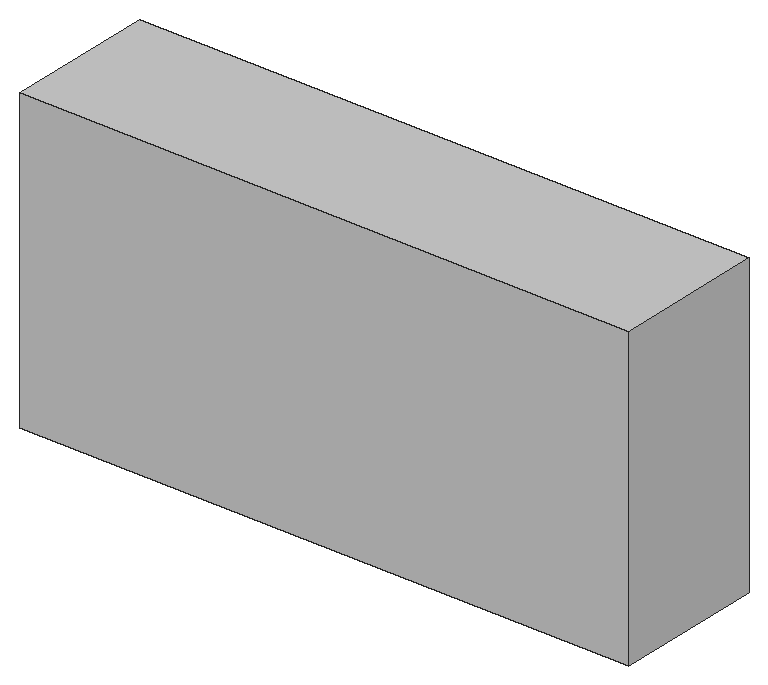
Revit family "efa38d6c65b14642bf14d116b11038eb", category 结构框架, Revit 2022
Family settings
  显示在隐藏视图中 = 被其他构件隐藏的边缘
  结构框架长度舍入 = 1 mm
  横断面形状 = 未定义
  用于模型行为的材质 = 混凝土
  始终导出为几何图形 = 否
  总是垂直 = 是
  加载时剪切的空心 = 否
  符号表示法 = 从族
  共享 = 否
  在平面视图中显示族的预剪切 = 是
Parameters (values of type "300 x 600mm")
  Structural Material [instance] = 混凝土 - 现场浇注混凝土
  Assembly Code = ""
  Length [instance] = 1524 mm
  b = 300 mm
  h = 600 mm
Types (3, lengths in mm): name | Structural Material | b | h
  (no name) | 混凝土 - 现场浇注混凝土 | 300 | 600
  400 x 800mm | none | 400 | 800
  300 x 600mm | 混凝土 - 现场浇注混凝土 | 300 | 600
Reference planes
  plane 1 "中心(前/后)": y = 0
  plane 2: z = 0
  plane 3 "中心(左/右)": x = 4.61
  plane 4 "左构件": x = -604.99
  plane 5 "右构件": x = 614.21
  plane 6: y = 150
  plane 7: y = -150
  plane 8: z = 300
  plane 9 "底": z = -300
  plane 10 "左": x = -757.39
  plane 11 "右": x = 766.61
Forms (mm)
  Sweep 1, solid, material "混凝土 - 现场浇注混凝土" <- "Structural Material"
    path origin (0, 0, 0) x (1, 0, 0) y (0, 1, 0)
      loop
        line (614.21, 0) -> (-604.99, 0)
    profile "M_矩形梁 - 轮廓 : M_矩形梁 - 轮廓" origin (4.61, 0, 0) x (0, -1, 0) y (0, 0, 1)
      loop
        line (-150, -300) -> (150, -300) -> (150, 300) -> (-150, 300) -> (-150, -300)
Dimensions and locks
  "b": plane 6 to plane 7
  equal spacing: plane 9 "底", plane 2, plane 8
  equal spacing: plane 6, plane 1 "中心(前/后)", plane 7
  "h": plane 9 "底" to plane 8
  "Length": plane 10 "左" to plane 11 "右"
  aligned and locked: Sweep 1 sketch curve to plane 1 "中心(前/后)"
  aligned and locked: plane 4 "左构件" to Sweep 1 sketch curve
  aligned and locked: plane 5 "右构件" to Sweep 1 sketch curve
